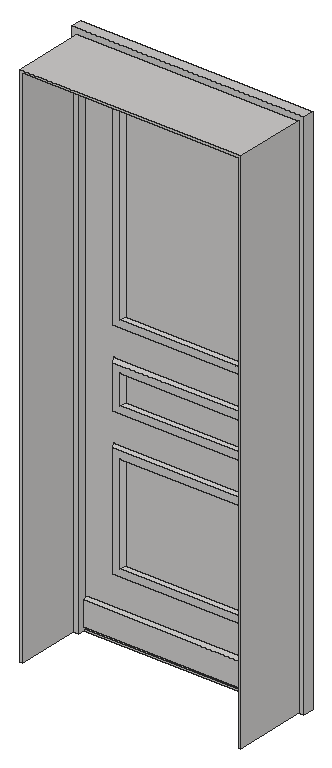
Revit family "Doorset_Porte blindée de maison STYLEA S_ASSA ABLOY FR_Hardware Light-01", category Doors, host Wall, Revit 2015
Parameters (values of type "914x2198 mm (900 x 2200mm)")
  Uniclass 2.0 Description = "Doorsets"
  Uniclass 2.0 Code = "PR-59-23"
  Uniclass 1.4 Description = "Doors"
  Uniclass 1.4 Code = "JL20"
  URL = "https://www.assaabloy.fr/solutions-de-porte-bim/Porte-blind%C3%A9e-de-maison-Stylea"
  Type Comments = "914x2198 mm (900 x 2200mm)"  # constant formula
  Thickness = 62 mm  # constant formula
  Structural Opening Width = if(Width > Maximum Door Width, Maximum Door Width + 20 mm, if(Width < Minimum Door Width, Minimum Door Width + 20 mm, Width + 20 mm))  # 920 mm
  Structural Opening Height = if(Height > Maximum Door Height, Maximum Door Height + 10 mm, if(Height < Minimum Door Height, Minimum Door Height + 10 mm, Height + 10 mm))  # 2210 mm
  Rough Width = Structural Opening Width  # 920 mm
  Rough Height = Structural Opening Height  # 2210 mm
  Region Europe = "France"
  Provider = "ASSA ABLOY FR"  # constant formula
  Product Guid = "cd050d0a-2208-482b-8fb4-c77a7161ff69"
  Panel Width = Structural Opening Width - 6 mm  # 914 mm
  Panel Material = Metal - Assa Abloy - Steel
  Panel Height = Structural Opening Height - 12 mm  # 2198 mm
  OmniClass Title = "Doors"
  OmniClass Number = "23-17 11 00"
  Name = "Porte blindée de maison STYLEA S"  # constant formula
  Model = "Doorset_Porte blindée de maison STYLEA S_ASSA ABLOY FR_Hardware Light"  # constant formula
  Minimum Door Width = 754 mm  # constant formula
  Minimum Door Height = 1952 mm  # constant formula
  Maximum Door Width = 1054 mm  # constant formula
  Maximum Door Height = 2302 mm  # constant formula
  Manufacturer = "ASSA ABLOY"  # constant formula
  Lock Cases = "1x Cylindre GEMM24_Mechanical locks_Fichet [AN. 73960050]"  # constant formula
  Keynote = "08100"
  Identity and Access Solutions = "1x Serrure 5000 SPN1 T204- D_Identity and Access Solutions_Vachette [AN. 841900 4]"  # constant formula
  IFC classification = "Door"
  Hardware Set = "ED-ML-MC-FR15"  # constant formula
  Handle Position = 81 mm  # constant formula
  Handle Height = 1100 mm  # constant formula
  Function = Exterior
  Height = 2200 mm
  Wall Closure = By host
  Width = 900 mm
  Frame Width = Structural Opening Width - 20 mm  # 900 mm
  Frame Material = Metal - Assa Abloy - Steel
  Frame Height = Structural Opening Height - 10 mm  # 2200 mm
  Edition number = "1"
  Description = "La porte anti-effraction à la pointe du design , simple vantail A2P BP1 serrure cylindre européen A2P1*, vantail lisse 2 faces équipement LOGIO"  # constant formula
  Date of publishing = ""
  Contact Provider = "http://www.assaabloy.fr/contactez-nous/"
  Clear Width = Structural Opening Width - 48 mm - 20 mm  # 852 mm
  BIMobject Unique ref = "ED-ML-MC-FR15"  # constant formula
  BIMobject Product Page = "https://www.bimobject.com/en-us/assaabloy-fr/product/ed-ml-mc-fr15"
  BIMobject Product Group = "Security doors and fittings"  # constant formula
  BIMobject Product Family = "Exterior Door Solutions"  # constant formula
  BIMobject Instructions Video = ""
  BIMobject Brand = "ASSA ABLOY FR"  # constant formula
  Assembly Code = "B2030"
  Architectural Hardware = "1x Ensemble LOGIO béquille poignée sur plaque_Architectural hardware_Fichet  [AN. 73480683]"  # constant formula
Reference planes
  plane 1: y = 0
  plane 2 "Center (Left/Right)": x = 0
  plane 3 "Exterior": y = 150
  plane 4 "Interior": y = -150
  plane 5: x = 460
  plane 6: x = -460
  plane 7 "Structural": z = 2210
  plane 8: x = 450
  plane 9: x = -450
  plane 10: z = 2200
  plane 11: z = 1984
  plane 12: y = 88
  plane 13: z = 1100
  plane 14 "Panel": y = 1108.7
  plane 15: y = 1070
  plane 16: x = 416
  plane 17: x = -426
  plane 18: x = 426
  plane 19: y = 194.7
  plane 20 "Handle Left": y = 208.5
  plane 21: x = -442.131
  plane 22: x = -484
  plane 23: x = 484
  plane 24: x = -306
  plane 25: x = 306
  plane 26: z = 251.279
  plane 27: z = 740.754
  plane 28: z = 860.754
  plane 29: z = 1060.754
  plane 30: z = 1180.754
  plane 31: z = 2056
  plane 32: x = -416
  plane 33: y = 115
  plane 34: y = 141.2
  plane 35: y = 1046.7
  plane 36: x = 364
  plane 37 "Handle Ref": x = 457
  plane 38: x = 470.8
  plane 39: z = 2176
  plane 40: z = 2234
  plane 41: x = -376
  plane 42 "Handle Position": z = 1100
  plane 43: z = 24
  plane 44: y = 179.7
  plane 45: z = 2244
  plane 46: y = 1041.5
  plane 47: y = 146.5
Forms (mm)
  Sweep 1, solid, material "Metal - Assa Abloy - Steel" <- "Frame Material"
    path origin (0, 150, 0) x (1, 0, 0) y (0, 0, 1)
      loop
        line (-450, 0) -> (-450, 2200) -> (450, 2200) -> (450, 0)
    profile origin (450, 150, 1100) x (0, -1, 0) y (1, 0, 0)
      loop
        line (35, 0) -> (0, 0) -> (0, 34) -> (-44.7, 34) -> (-44.7, -24) -> (35, -24) -> (35, 0)
  Sweep 2, solid, material "Metal - Assa Abloy - Steel" <- "Panel Material"
    path origin (0, 150, 0) x (1, 0, 0) y (0, 0, 1)
      loop
        line (-426, 0) -> (426, 0)
    profile origin (0, 150, 0) x (0, 0, 1) y (0, -1, 0)
      loop
        line (2207, -44.7) -> (2176, -44.7) -> (2176, 3.5) -> (24, 3.5) -> (24, -29.7) -> (11.808, -29.7) -> (11.808, -44.7) -> (9, -44.7) -> (9, -58.5) -> (2207, -58.5) -> (2207, -44.7)
  Extrusion 3, solid, material "Metal - Assa Abloy - Steel" <- "Panel Material"
    sketch origin (0, 0, 0) x (1, 0, 0) y (0, 1, 0)
      loop
        line (-426, 208.5) -> (-457, 208.5) -> (-457, 194.7) -> (-426, 194.7) -> (-426, 208.5)
      loop
        line (426, 208.5) -> (426, 194.7) -> (457, 194.7) -> (457, 208.5) -> (426, 208.5)
    from 9 to 2207
  Sweep 4, solid, material "Metal - Assa Abloy - Steel" <- "Panel Material"
    path origin (-533.519, 208.5, 1200) x (-1, 0, 0) y (0, 0, 1)
      loop
        line (-227.519, -459.246) -> (-839.519, -459.246) -> (-839.519, -948.721) -> (-227.519, -948.721) -> (-227.519, -459.246)
    profile origin (306, 208.5, 496.017) x (0, 1, 0) y (-1, 0, 0)
      loop
        line (0, 0) -> (16, 9.238) -> (16, 38.762) -> (0, 48) -> (0, 0)
      loop
        line (-62, 0) -> (-62, 48) -> (-78, 38.762) -> (-78, 9.238) -> (-62, 0)
  Sweep 5, solid, material "Metal - Assa Abloy - Steel" <- "Panel Material"
    path origin (-533.519, 208.5, 1200) x (-1, 0, 0) y (0, 0, 1)
      loop
        line (-227.519, -139.246) -> (-839.519, -139.246) -> (-839.519, -339.246) -> (-227.519, -339.246) -> (-227.519, -139.246)
    profile origin (306, 208.5, 960.754) x (0, 1, 0) y (-1, 0, 0)
      loop
        line (0, 0) -> (16, 9.238) -> (16, 38.762) -> (0, 48) -> (0, 0)
      loop
        line (-62, 0) -> (-62, 48) -> (-78, 38.762) -> (-78, 9.238) -> (-62, 0)
  Sweep 6, solid, material "Metal - Assa Abloy - Steel" <- "Panel Material"
    path origin (-533.519, 208.5, 1200) x (-1, 0, 0) y (0, 0, 1)
      loop
        line (-227.519, 856) -> (-839.519, 856) -> (-839.519, -19.246) -> (-227.519, -19.246) -> (-227.519, 856)
    profile origin (306, 208.5, 1618.377) x (0, 1, 0) y (-1, 0, 0)
      loop
        line (16, 9.238) -> (16, 38.762) -> (0, 48) -> (0, 0) -> (16, 9.238)
      loop
        line (-78, 9.238) -> (-62, 0) -> (-62, 48) -> (-78, 38.762) -> (-78, 9.238)
  Sweep 7, solid, material "Metal - Assa Abloy - Steel" <- "Panel Material"
    path origin (-533.519, 208.5, 1200) x (-1, 0, 0) y (0, 0, 1)
      loop
        line (-949.519, -1176) -> (-117.519, -1176)
    profile origin (0, 208.5, 24) x (0, 0, 1) y (0, 1, 0)
      loop
        line (0, -62) -> (0, -82) -> (100, -82) -> (107.279, -62) -> (0, -62)
  Sweep 8, solid, material "Metal - Assa Abloy - Steel" <- "Frame Material"
    path origin (-476, 194.7, 1200) x (1, 0, 0) y (0, 0, 1)
      loop
        line (50, -1200) -> (902, -1200)
    profile origin (0, 194.7, 0) x (0, 0, 1) y (0, -1, 0)
      loop
        line (0, 0) -> (11.808, 0) -> (11.808, 11.3) -> (7, 53.5) -> (0, 53.5) -> (0, 0)
  Extrusion 9, solid, material "Metal - Assa Abloy - Steel" <- "Frame Material"
    sketch origin (-533.519, 208.5, 1200) x (-1, 0, 0) y (0, 0, 1)
      loop
        line (-73.519, 1010) -> (-993.519, 1010) -> (-993.519, -1200) -> (-983.519, -1200) -> (-983.519, 1000) -> (-83.519, 1000) -> (-83.519, -1200) -> (-73.519, -1200) -> (-73.519, 1010)
    from -358.5 to -58.5
Cuts and joins
  joined: Sweep 2, Extrusion 3
Lines and regions (mm)
  Opening 1
    outline origin (-5000, -150, 0) x (1, 0, 0) y (0, 0, 1)
      loop
        line (5460, 2210) -> (4540, 2210) -> (4540, 0) -> (5460, 0) -> (5460, 2210)
  Masking region 1
    outline origin (0, 0, 0) x (1, 0, 0) y (0, 1, 0)
      loop
        line (460, 150) -> (-460, 150) -> (-460, -150) -> (460, -150) -> (460, 150)
  Masking region 2, detail levels medium
    outline origin (0, 0, 0) x (1, 0, 0) y (0, 1, 0)
      loop
        line (-484, 194.7) -> (-484, 115) -> (-426, 115) -> (-426, 194.7) -> (-484, 194.7)
      loop
        line (484, 194.7) -> (426, 194.7) -> (426, 115) -> (484, 115) -> (484, 194.7)
  Masking region 3, detail levels fine
    outline origin (0, 0, 0) x (1, 0, 0) y (0, 1, 0)
      loop
        line (-484, 194.7) -> (-484, 150) -> (-450, 150) -> (-450, 115) -> (-426, 115) -> (-426, 194.7) -> (-484, 194.7)
      loop
        line (484, 194.7) -> (426, 194.7) -> (426, 115) -> (450, 115) -> (450, 150) -> (484, 150) -> (484, 194.7)
  Masking region 4, detail levels medium
    outline origin (0, 0, 0) x (1, 0, 0) y (0, 1, 0)
      loop
        line (426, 194.7) -> (426, 1046.7) -> (364, 1046.7) -> (364, 194.7) -> (426, 194.7)
  Masking region 5, detail levels coarse+medium
    outline origin (0, 0, 0) x (0, 1, 0) y (0, 0, 1)
      loop
        line (115, 2234) -> (115, 0) -> (194.7, 0) -> (194.7, 2234) -> (115, 2234)
  Masking region 6, detail levels fine
    outline origin (0, 0, 0) x (0, 1, 0) y (0, 0, 1)
      loop
        line (194.7, 2234) -> (150, 2234) -> (150, 2200) -> (115, 2200) -> (115, 0) -> (194.7, 0) -> (194.7, 9) -> (208.5, 9) -> (208.5, 2207) -> (194.7, 2207) -> (194.7, 2234)
  Masking region 7, detail levels fine
    outline origin (0, 0, 0) x (1, 0, 0) y (0, 1, 0)
      loop
        line (457, 194.7) -> (457, 1108.7) -> (443, 1108.7) -> (443, 1077.7) -> (395, 1077.7) -> (395, 225.7) -> (443, 225.7) -> (443, 194.7) -> (457, 194.7)
  Masking region 8, detail levels fine
    outline origin (-296.442, 355.626, 0) x (1, 0, 0) y (0, 1, 0)
      loop
        line (683.669, 696.727) -> (661.452, 695.563)
        arc (661.452, 695.563) -> (645.208, 689.142) -> (636.136, 674.217) r 27.425
        arc (636.136, 674.217) -> (632.876, 651.541) -> (633.239, 628.634) r 144.579
        line (633.239, 628.634) -> (638.152, 577.168) -> (650.119, 579.278) -> (645.832, 661.076)
        arc (645.832, 661.076) -> (649.644, 671.408) -> (659.763, 675.756) r 13.95
        line (659.763, 675.756) -> (683.669, 675.756) -> (683.669, 696.727)
  Masking region 9, detail levels fine
    outline origin (-299.189, 355.833, 0) x (1, 0, 0) y (0, 1, 0)
      loop
        line (694.189, 664.667) -> (694.189, 685.667) -> (694.189, 706.667) -> (687.189, 706.667) -> (687.189, 664.667) -> (694.189, 664.667)
  Masking region 10, detail levels fine
    outline origin (1148.442, 355.626, 0) x (0, 1, 0) y (-1, 0, 0)
      loop
        line (696.727, 683.669) -> (675.756, 683.669) -> (675.756, 659.763)
        arc (675.756, 659.763) -> (671.408, 649.644) -> (661.076, 645.832) r 13.95
        line (661.076, 645.832) -> (579.278, 650.119) -> (577.168, 638.152) -> (628.634, 633.239)
        arc (628.634, 633.239) -> (651.541, 632.876) -> (674.217, 636.136) r 144.579
        arc (674.217, 636.136) -> (689.142, 645.208) -> (695.563, 661.452) r 27.425
        line (695.563, 661.452) -> (696.727, 683.669)
  Masking region 11, detail levels fine
    outline origin (1151.189, 355.833, 0) x (0, 1, 0) y (-1, 0, 0)
      loop
        line (664.667, 694.189) -> (664.667, 687.189) -> (706.667, 687.189) -> (706.667, 694.189) -> (685.667, 694.189) -> (664.667, 694.189)
  Masking region 12, not visible, detail levels fine
    outline origin (0, 0, 0) x (1, 0, 0) y (0, 1, 0)
      loop
        line (683.669, 696.727) -> (661.452, 695.563)
        arc (661.452, 695.563) -> (645.208, 689.142) -> (636.136, 674.217) r 27.425
        arc (636.136, 674.217) -> (632.876, 651.541) -> (633.239, 628.634) r 144.579
        line (633.239, 628.634) -> (638.152, 577.168) -> (650.119, 579.278) -> (645.832, 661.076)
        arc (645.832, 661.076) -> (649.644, 671.408) -> (659.763, 675.756) r 13.95
        line (659.763, 675.756) -> (683.669, 675.756) -> (683.669, 696.727)
  Masking region 13, not visible, detail levels fine
    outline origin (-2.747, 0.207, 0) x (1, 0, 0) y (0, 1, 0)
      loop
        line (694.189, 664.667) -> (694.189, 685.667) -> (694.189, 706.667) -> (687.189, 706.667) -> (687.189, 664.667) -> (694.189, 664.667)
  Masking region 14, not visible, detail levels fine
    outline origin (1444.883, 0, 0) x (0, 1, 0) y (-1, 0, 0)
      loop
        line (696.727, 683.669) -> (675.756, 683.669) -> (675.756, 659.763)
        arc (675.756, 659.763) -> (671.408, 649.644) -> (661.076, 645.832) r 13.95
        line (661.076, 645.832) -> (579.278, 650.119) -> (577.168, 638.152) -> (628.634, 633.239)
        arc (628.634, 633.239) -> (651.541, 632.876) -> (674.217, 636.136) r 144.579
        arc (674.217, 636.136) -> (689.142, 645.208) -> (695.563, 661.452) r 27.425
        line (695.563, 661.452) -> (696.727, 683.669)
  Masking region 15, not visible, detail levels fine
    outline origin (1447.631, 0.207, 0) x (0, 1, 0) y (-1, 0, 0)
      loop
        line (664.667, 694.189) -> (664.667, 687.189) -> (706.667, 687.189) -> (706.667, 694.189) -> (685.667, 694.189) -> (664.667, 694.189)
  Masking region 16, not visible, detail levels fine
    outline origin (0, 0, 0) x (0, 1, 0) y (0, 0, 1)
      loop
        line (491.594, 1589.229) -> (491.594, 1390.229) -> (498.594, 1390.229) -> (498.594, 1589.229) -> (491.594, 1589.229)
  Masking region 17, not visible, detail levels fine
    outline origin (0, 283.094, 412.76) x (0, 1, 0) y (0, 0, 1)
      loop
        line (216.326, 1110.993) -> (216.326, 1089.007) -> (244.272, 1089.007)
        arc (244.272, 1089.007) -> (253.867, 1089.381) -> (263.403, 1090.499) r 123.412
        arc (263.403, 1090.499) -> (268.564, 1094.058) -> (270.563, 1100) r 9.923
        arc (270.563, 1100) -> (268.564, 1105.942) -> (263.403, 1109.501) r 9.923
        arc (263.403, 1109.501) -> (253.867, 1110.619) -> (244.272, 1110.993) r 123.412
        line (244.272, 1110.993) -> (216.326, 1110.993)
  Masking region 18, not visible, detail levels fine
    outline origin (0, 921.188, 0) x (0, -1, 0) y (0, 0, 1)
      loop
        line (491.594, 1589.229) -> (491.594, 1390.229) -> (498.594, 1390.229) -> (498.594, 1589.229) -> (491.594, 1589.229)
  Masking region 19, not visible, detail levels fine
    outline origin (0, 638.094, 412.76) x (0, -1, 0) y (0, 0, 1)
      loop
        line (216.326, 1110.993) -> (216.326, 1089.007) -> (244.272, 1089.007)
        arc (244.272, 1089.007) -> (253.867, 1089.381) -> (263.403, 1090.499) r 123.412
        arc (263.403, 1090.499) -> (268.564, 1094.058) -> (270.563, 1100) r 9.923
        arc (270.563, 1100) -> (268.564, 1105.942) -> (263.403, 1109.501) r 9.923
        arc (263.403, 1109.501) -> (253.867, 1110.619) -> (244.272, 1110.993) r 123.412
        line (244.272, 1110.993) -> (216.326, 1110.993)
  Masking region 20, detail levels fine
    outline origin (0, -283.094, -412.76) x (0, 1, 0) y (0, 0, 1)
      loop
        line (491.594, 1589.229) -> (491.594, 1390.229) -> (498.594, 1390.229) -> (498.594, 1589.229) -> (491.594, 1589.229)
  Masking region 21, detail levels fine
    outline origin (0, 0, 0) x (0, 1, 0) y (0, 0, 1)
      loop
        line (216.326, 1110.993) -> (216.326, 1089.007) -> (244.272, 1089.007)
        arc (244.272, 1089.007) -> (253.867, 1089.381) -> (263.403, 1090.499) r 123.412
        arc (263.403, 1090.499) -> (268.564, 1094.058) -> (270.563, 1100) r 9.923
        arc (270.563, 1100) -> (268.564, 1105.942) -> (263.403, 1109.501) r 9.923
        arc (263.403, 1109.501) -> (253.867, 1110.619) -> (244.272, 1110.993) r 123.412
        line (244.272, 1110.993) -> (216.326, 1110.993)
  Masking region 22, detail levels fine
    outline origin (0, 638.094, -412.76) x (0, -1, 0) y (0, 0, 1)
      loop
        line (491.594, 1589.229) -> (491.594, 1390.229) -> (498.594, 1390.229) -> (498.594, 1589.229) -> (491.594, 1589.229)
  Masking region 23, detail levels fine
    outline origin (0, 355, 0) x (0, -1, 0) y (0, 0, 1)
      loop
        line (216.326, 1110.993) -> (216.326, 1089.007) -> (244.272, 1089.007)
        arc (244.272, 1089.007) -> (253.867, 1089.381) -> (263.403, 1090.499) r 123.412
        arc (263.403, 1090.499) -> (268.564, 1094.058) -> (270.563, 1100) r 9.923
        arc (270.563, 1100) -> (268.564, 1105.942) -> (263.403, 1109.501) r 9.923
        arc (263.403, 1109.501) -> (253.867, 1110.619) -> (244.272, 1110.993) r 123.412
        line (244.272, 1110.993) -> (216.326, 1110.993)
  symbolic lines, style "Elevation Swing"
    curve 1: line (450, -150, 2200) -> (-450, -150, 1100)
    curve 2: line (-450, -150, 1100) -> (450, -150, 0)
  symbolic lines, style "Doors", detail levels fine
    curve 3: line (-426, 194.7, 0) -> (426, 194.7, 0)
    curve 4: line (-426, 141.2, 0) -> (426, 141.2, 0)
    curve 19: circle (0, 254.547, 1099.997) r 8.755 normal (1, 0, 0)
    curve 20: circle (0, 100.453, 1099.997) r 8.755 normal (-1, 0, 0)
  symbolic lines, style "Plan Swing", detail levels coarse
    curve 5: line (460, 150, 0) -> (460, 1070, 0)
    curve 6: arc (460, 1070, 0) -> (-190.538, 800.538, 0) -> (-460, 150, 0) r 920
  symbolic lines, style "Plan Swing", detail levels medium
    curve 7: arc (-426, 194.7, 0) -> (-176.455, 797.155, 0) -> (426, 1046.7, 0) r 852
  symbolic lines, style "Plan Swing", detail levels fine
    curve 8: arc (457, 1108.596, 0) -> (-180.356, 836.098, 0) -> (-443.2, 194.7, 0) r 914
  symbolic lines, style "Plan Swing", detail levels medium+fine
    curve 9: line (0, 194.7, 2176) -> (0, 115, 2176)
  symbolic lines, style "Plan Swing"
    curve 10: line (0, 115, 2200) -> (0, -150, 2200)
  symbolic lines, style "DoorsPanelProjection", detail levels fine
    curve 11: line (0, 146.5, 2176) -> (0, 146.5, 24)
    curve 12: line (0, 194.7, 2207) -> (0, 194.7, 2176)
    curve 13: line (0, 146.5, 24) -> (0, 179.7, 24)
    curve 14: line (0, 179.7, 24) -> (0, 179.7, 11.808)
    curve 15: line (0, 179.7, 11.808) -> (0, 194.7, 11.808)
    curve 16: line (0, 194.7, 11.808) -> (0, 194.7, 9)
  symbolic lines, style "Doors", not visible, detail levels fine
    curve 17: circle (0, 537.641, 1512.757) r 8.755 normal (1, 0, 0)
    curve 18: circle (0, 383.546, 1512.757) r 8.755 normal (-1, 0, 0)
  model lines, style "Assa Abloy Hardware", not visible, detail levels fine
    curve 21: line (-269.104, 208.5, 1091.012) -> (-355, 208.5, 1089.716)
    curve 22: line (-355, 208.5, 1089.716) -> (-355, 208.5, 998.758)
    curve 23: arc (-355, 208.5, 998.758) -> (-361.151, 208.5, 983.909) -> (-376, 208.5, 977.758) r 21
    curve 24: arc (-376, 208.5, 977.758) -> (-390.849, 208.5, 983.909) -> (-397, 208.5, 998.758) r 21
    curve 25: line (-397, 208.5, 998.758) -> (-397, 208.5, 1154.941)
    curve 26: arc (-397, 208.5, 1154.941) -> (-390.849, 208.5, 1169.79) -> (-376, 208.5, 1175.941) r 21
    curve 27: arc (-376, 208.5, 1175.941) -> (-361.151, 208.5, 1169.79) -> (-355, 208.5, 1154.941) r 21
    curve 28: line (-355, 208.5, 1154.941) -> (-355, 208.5, 1110.162)
    curve 29: line (-355, 208.5, 1110.162) -> (-269.148, 208.5, 1108.923)
    curve 30: arc (-269.148, 208.5, 1108.923) -> (-268.644, 208.5, 1108.744) -> (-268.353, 208.5, 1108.294) r 0.833
    curve 31: arc (-268.353, 208.5, 1108.294) -> (-267.577, 208.5, 1104.166) -> (-267.306, 208.5, 1099.974) r 34.585
    curve 32: arc (-267.306, 208.5, 1099.974) -> (-267.563, 208.5, 1095.894) -> (-268.299, 208.5, 1091.873) r 34.585
    curve 33: arc (-268.299, 208.5, 1091.873) -> (-268.518, 208.5, 1091.272) -> (-269.104, 208.5, 1091.012) r 0.818
    curve 34: line (-355, 208.5, 1089.716) -> (-373.861, 208.5, 1089.21)
    curve 35: arc (-373.861, 208.5, 1089.21) -> (-382.57, 208.5, 1091.178) -> (-386.951, 208.5, 1098.959) r 11
    curve 36: arc (-386.951, 208.5, 1098.959) -> (-384.138, 208.5, 1107.401) -> (-376, 208.5, 1111) r 11
    curve 37: line (-376, 208.5, 1111) -> (-355, 208.5, 1110.265)
    curve 38: arc (-383.02, 208.5, 1026.731) -> (-376.368, 208.5, 1044.36) -> (-370.385, 208.5, 1026.493) r 10
    curve 39: line (-383.02, 208.5, 1026.731) -> (-383.02, 208.5, 1014.534)
    curve 40: line (-370.385, 208.5, 1014.534) -> (-370.385, 208.5, 1026.493)
    curve 41: line (-383.02, 208.5, 1026.731) -> (-383.02, 208.5, 1014.534)
    curve 42: arc (-383.02, 208.5, 1014.534) -> (-376.702, 208.5, 1008.216) -> (-370.385, 208.5, 1014.534) r 6.318
    curve 43: line (-370.385, 208.5, 1014.534) -> (-370.385, 208.5, 1026.493)
  model lines, style "Assa Abloy Hardware", detail levels fine
    curve 44: line (-269.104, 146.5, 1091.012) -> (-355, 146.5, 1089.716)
    curve 45: line (-355, 146.5, 1089.716) -> (-355, 146.5, 998.758)
    curve 46: arc (-355, 146.5, 998.758) -> (-361.151, 146.5, 983.909) -> (-376, 146.5, 977.758) r 21
    curve 47: arc (-376, 146.5, 977.758) -> (-390.849, 146.5, 983.909) -> (-397, 146.5, 998.758) r 21
    curve 48: line (-397, 146.5, 998.758) -> (-397, 146.5, 1154.941)
    curve 49: arc (-397, 146.5, 1154.941) -> (-390.849, 146.5, 1169.79) -> (-376, 146.5, 1175.941) r 21
    curve 50: arc (-376, 146.5, 1175.941) -> (-361.151, 146.5, 1169.79) -> (-355, 146.5, 1154.941) r 21
    curve 51: line (-355, 146.5, 1154.941) -> (-355, 146.5, 1110.162)
    curve 52: line (-355, 146.5, 1110.162) -> (-269.148, 146.5, 1108.923)
    curve 53: arc (-269.148, 146.5, 1108.923) -> (-268.644, 146.5, 1108.744) -> (-268.353, 146.5, 1108.294) r 0.833
    curve 54: arc (-268.353, 146.5, 1108.294) -> (-267.577, 146.5, 1104.166) -> (-267.306, 146.5, 1099.974) r 34.585
    curve 55: arc (-267.306, 146.5, 1099.974) -> (-267.563, 146.5, 1095.894) -> (-268.299, 146.5, 1091.873) r 34.585
    curve 56: arc (-268.299, 146.5, 1091.873) -> (-268.518, 146.5, 1091.272) -> (-269.104, 146.5, 1091.012) r 0.818
    curve 57: line (-355, 146.5, 1089.716) -> (-373.861, 146.5, 1089.21)
    curve 58: arc (-373.861, 146.5, 1089.21) -> (-382.981, 146.5, 1091.499) -> (-387, 146.5, 1100) r 11
    curve 59: arc (-387, 146.5, 1100) -> (-383.778, 146.5, 1107.778) -> (-376, 146.5, 1111) r 11
    curve 60: line (-376, 146.5, 1111) -> (-355, 146.5, 1110.265)
    curve 61: arc (-383.02, 146.5, 1026.731) -> (-376.368, 146.5, 1044.36) -> (-370.385, 146.5, 1026.493) r 10
    curve 62: line (-383.02, 146.5, 1026.731) -> (-383.02, 146.5, 1014.534)
    curve 63: line (-370.385, 146.5, 1014.534) -> (-370.385, 146.5, 1026.493)
    curve 64: line (-383.02, 146.5, 1026.731) -> (-383.02, 146.5, 1014.534)
    curve 65: arc (-383.02, 146.5, 1014.534) -> (-376.702, 146.5, 1008.216) -> (-370.385, 146.5, 1014.534) r 6.318
    curve 66: line (-370.385, 146.5, 1014.534) -> (-370.385, 146.5, 1026.493)
    curve 67: line (-269.104, 208.5, 1092.054) -> (-355, 208.5, 1090.757)
    curve 68: line (-355, 208.5, 1090.757) -> (-355, 208.5, 999.799)
    curve 69: arc (-355, 208.5, 999.799) -> (-361.151, 208.5, 984.95) -> (-376, 208.5, 978.799) r 21
    curve 70: arc (-376, 208.5, 978.799) -> (-390.849, 208.5, 984.95) -> (-397, 208.5, 999.799) r 21
    curve 71: line (-397, 208.5, 999.799) -> (-397, 208.5, 1155.982)
    curve 72: arc (-397, 208.5, 1155.982) -> (-390.849, 208.5, 1170.832) -> (-376, 208.5, 1176.982) r 21
    curve 73: arc (-376, 208.5, 1176.982) -> (-361.151, 208.5, 1170.832) -> (-355, 208.5, 1155.982) r 21
    curve 74: line (-355, 208.5, 1155.982) -> (-355, 208.5, 1111.203)
    curve 75: line (-355, 208.5, 1111.203) -> (-269.148, 208.5, 1109.965)
    curve 76: arc (-269.148, 208.5, 1109.965) -> (-268.644, 208.5, 1109.785) -> (-268.353, 208.5, 1109.335) r 0.833
    curve 77: arc (-268.353, 208.5, 1109.335) -> (-267.577, 208.5, 1105.207) -> (-267.306, 208.5, 1101.016) r 34.585
    curve 78: arc (-267.306, 208.5, 1101.016) -> (-267.563, 208.5, 1096.935) -> (-268.299, 208.5, 1092.914) r 34.585
    curve 79: arc (-268.299, 208.5, 1092.914) -> (-268.518, 208.5, 1092.313) -> (-269.104, 208.5, 1092.054) r 0.818
    curve 80: line (-355, 208.5, 1090.757) -> (-373.861, 208.5, 1090.251)
    curve 81: arc (-373.861, 208.5, 1090.251) -> (-382.57, 208.5, 1092.219) -> (-386.951, 208.5, 1100) r 11
    curve 82: arc (-386.951, 208.5, 1100) -> (-384.138, 208.5, 1108.442) -> (-376, 208.5, 1112.041) r 11
    curve 83: line (-376, 208.5, 1112.041) -> (-355, 208.5, 1111.306)
    curve 84: arc (-383.02, 208.5, 1027.772) -> (-376.368, 208.5, 1045.401) -> (-370.385, 208.5, 1027.534) r 10
    curve 85: line (-383.02, 208.5, 1027.772) -> (-383.02, 208.5, 1015.575)
    curve 86: line (-370.385, 208.5, 1015.575) -> (-370.385, 208.5, 1027.534)
    curve 87: line (-383.02, 208.5, 1027.772) -> (-383.02, 208.5, 1015.575)
    curve 88: arc (-383.02, 208.5, 1015.575) -> (-376.702, 208.5, 1009.258) -> (-370.385, 208.5, 1015.575) r 6.318
    curve 89: line (-370.385, 208.5, 1015.575) -> (-370.385, 208.5, 1027.534)
Text (mm)
  text "Exterior" at (-2295.016, 1099.543, 0), in view "Ref. Level"
  text "Exterior" at (0, 1615.38, 3698.081), in view "Left"
  text "Exterior" at (0, 1036.032, 3874.932), in view "Right"
Dimensions and locks
  locked: plane 3 "Exterior" to host wall at 0
  locked: plane 4 "Interior" to host wall
  equal spacing: plane 6, plane 2 "Center (Left/Right)", plane 5
  locked: plane 8 to plane 5 at 10
  locked: plane 9 to plane 6 at 10
  "Thickness": plane 12 to plane 3 "Exterior"
  "Structural Opening Width": plane 3 "Exterior" to plane 15
  locked: plane 17 to plane 6 at 34
  locked: plane 18 to plane 5 at 34
  locked: plane 3 "Exterior" to plane 19 at 44.7
  locked: plane 19 to plane 20 "Handle Left" at 13.8
  Sweep 2 sketch curve to Sweep 2 sketch curve to Sweep 2 sketch curve to level = 12.192 mm locked, 2.808 mm locked, 9 mm locked
  locked: Extrusion 3 sketch curve to plane 17 at 31
  locked: Sweep 2 sketch curve to plane 10 at 24
  locked: plane 10 to Sweep 2 sketch curve at 7
  locked: plane 17 to plane 22 at 58
  locked: plane 23 to plane 18 at 58
  locked: plane 24 to plane 17 at 120
  locked: plane 18 to plane 25 at 120
  plane 27 to plane 26 to level = 489.474 mm locked, 251.279 mm locked
  plane 30 to plane 29 to plane 28 to plane 27 = 120 mm locked, 200 mm locked, 120 mm locked
  locked: plane 7 "Structural" to plane 31 at 154
  locked: plane 24 to plane 32 at 110
  locked: plane 16 to plane 25 at 110
  locked: plane 33 to plane 19 at 79.7
  locked: plane 34 to plane 19 at 53.5
  "Structural Opening Width": plane 5 to plane 6
  "Clear Width": plane 19 to plane 35
  "Thickness": plane 36 to plane 18
  "Structural Opening Height": plane 7 "Structural" to level
  locked: plane 8 to plane 37 "Handle Ref" at 7
  locked: plane 37 "Handle Ref" to plane 38 at 13.8
  plane 7 "Structural" to plane 10 = 10 mm
  locked: plane 10 to plane 39 at 24
  equal spacing: plane 10, plane 13, level
  "Panel Width": plane 19 to plane 14 "Panel"
  locked: plane 40 to plane 7 "Structural" at 24
  locked: Masking region 6 sketch curve to level at 9
  locked: plane 7 "Structural" to Masking region 6 sketch curve at 3
  locked: plane 41 to plane 17 at 50
  locked: plane 19 to Masking region 7 sketch curve at 31
  locked: plane 14 "Panel" to Masking region 7 sketch curve at 31
  Masking region 7 sketch curve to Masking region 7 sketch curve to plane 37 "Handle Ref" = 48 mm locked, 14 mm locked
  "Handle Height": plane 42 "Handle Position" to level
  locked: plane 43 to level at 24
  locked: plane 20 "Handle Left" to plane 44 at 28.8
  locked: plane 15 to plane 46 at 28.5
  locked: plane 20 "Handle Left" to plane 47 at 62
  "Panel Width": radius of curve 8
  aligned and locked: plane 1 to host wall
  aligned and locked: plane 7 "Structural" to Opening 1 sketch curve
  aligned and locked: plane 5 to Opening 1 sketch curve
  aligned and locked: Opening 1 sketch curve to plane 6
  aligned and locked: level to Opening 1 sketch curve
  aligned and locked: Masking region 1 sketch curve to plane 3 "Exterior"
  aligned and locked: Masking region 1 sketch curve to plane 4 "Interior"
  aligned and locked: plane 6 to Masking region 1 sketch curve
  aligned and locked: Masking region 1 sketch curve to plane 5
  aligned and locked: plane 10 to Sweep 1 sketch curve
  aligned and locked: plane 9 to Sweep 1 sketch curve
  aligned and locked: plane 8 to Sweep 1 sketch curve
  aligned and locked: level to Sweep 1 sketch curve  (x2)
  aligned and locked: plane 17 to Sweep 2 sketch curve
  aligned and locked: plane 18 to Sweep 2 sketch curve
  aligned and locked: Sweep 2 sketch curve to level
  aligned and locked: Extrusion 3 sketch curve to plane 17
  aligned and locked: Extrusion 3 sketch curve to plane 20 "Handle Left"
  aligned and locked: Extrusion 3 sketch curve to plane 19
  aligned and locked: Extrusion 3 sketch curve to plane 18
  aligned and locked: plane 20 "Handle Left" to Extrusion 3 sketch curve
  aligned and locked: plane 19 to Extrusion 3 sketch curve
  aligned and locked: Sweep 2 to Extrusion 3
  aligned and locked: Extrusion 3 to Sweep 2
  aligned and locked: Sweep 4 sketch curve to plane 25
  aligned and locked: plane 24 to Sweep 4 sketch curve
  aligned and locked: plane 27 to Sweep 4 sketch curve
  aligned and locked: Sweep 4 sketch curve to plane 26
  aligned and locked: cut or joined group of Sweep 2, Extrusion 3 to Sweep 4 sketch curve
  aligned and locked: Sweep 4 sketch curve to plane 20 "Handle Left"
  aligned and locked: Sweep 5 sketch curve to plane 25
  aligned and locked: Sweep 5 sketch curve to plane 28
  aligned and locked: plane 24 to Sweep 5 sketch curve
  aligned and locked: plane 29 to Sweep 5 sketch curve
  aligned and locked: Sweep 5 sketch curve to plane 20 "Handle Left"
  aligned and locked: cut or joined group of Sweep 2, Extrusion 3 to Sweep 5 sketch curve
  aligned and locked: Sweep 6 sketch curve to plane 25
  aligned and locked: plane 24 to Sweep 6 sketch curve
  aligned and locked: Sweep 6 sketch curve to plane 30
  aligned and locked: plane 31 to Sweep 6 sketch curve
  aligned and locked: plane 20 "Handle Left" to Sweep 6 sketch curve
  aligned and locked: Sweep 6 sketch curve to cut or joined group of Sweep 2, Extrusion 3
  aligned and locked: plane 32 to Sweep 7 sketch curve
  aligned and locked: plane 16 to Sweep 7 sketch curve
  aligned and locked: Masking region 2 to plane 33  (x2)
  aligned and locked: Sweep 1 to plane 19
  aligned and locked: Masking region 2 to plane 22
  aligned and locked: plane 17 to Sweep 1
  aligned and locked: Sweep 1 to plane 18
  aligned and locked: plane 23 to Masking region 2
  aligned and locked: Masking region 2 to plane 19  (x2)
  aligned and locked: Sweep 8 sketch curve to level
  aligned and locked: plane 17 to Sweep 8 sketch curve
  aligned and locked: plane 18 to Sweep 8 sketch curve
  aligned and locked: plane 19 to Masking region 3 sketch curve
  aligned and locked: plane 22 to Masking region 3 sketch curve
  aligned and locked: plane 33 to Masking region 3 sketch curve
  aligned and locked: Masking region 3 sketch curve to plane 17
  aligned and locked: Masking region 3 sketch curve to plane 19
  aligned and locked: Masking region 3 sketch curve to plane 18
  aligned and locked: Masking region 3 sketch curve to plane 33
  aligned and locked: Masking region 3 sketch curve to plane 3 "Exterior"
  aligned and locked: plane 23 to Masking region 3 sketch curve
  aligned and locked: plane 19 to curve 3
  aligned and locked: plane 17 to curve 3
  aligned and locked: plane 18 to curve 3
  aligned and locked: plane 17 to curve 4
  aligned and locked: plane 18 to curve 4
  aligned and locked: plane 34 to curve 4
  aligned and locked: plane 15 to curve 5
  aligned and locked: curve 5 to plane 5
  aligned and locked: plane 3 "Exterior" to curve 5
  aligned and locked: plane 3 "Exterior" to curve 6
  aligned and locked: plane 5 to curve 6
  aligned and locked: Masking region 4 sketch curve to plane 36
  aligned and locked: plane 19 to Masking region 4 sketch curve
  aligned and locked: plane 35 to Masking region 4 sketch curve
  aligned and locked: plane 18 to Masking region 4
  aligned and locked: plane 18 to curve 7
  aligned and locked: plane 19 to curve 7
  aligned and locked: Masking region 3 sketch curve to plane 9
  aligned and locked: plane 8 to Masking region 3 sketch curve
  aligned and locked: Masking region 5 sketch curve to plane 33
  aligned and locked: Masking region 5 sketch curve to level
  aligned and locked: plane 40 to Masking region 5 sketch curve
  aligned and locked: plane 33 to Masking region 6
  aligned and locked: Masking region 6 to plane 40
  aligned and locked: plane 19 to Masking region 6
  aligned and locked: Masking region 6 to plane 20 "Handle Left"
  aligned and locked: level to Sweep 1
  aligned and locked: Sweep 1 to plane 33
  aligned and locked: plane 19 to curve 9
  aligned and locked: Sweep 1 to plane 39
  aligned and locked: plane 33 to curve 9
  aligned and locked: plane 10 to curve 10
  aligned and locked: plane 33 to curve 10
  aligned and locked: plane 4 "Interior" to curve 10
  aligned and locked: plane 33 to Sweep 1
  aligned and locked: Masking region 5 sketch curve to plane 19
  aligned and locked: Sweep 1 to plane 10
  aligned and locked: plane 3 "Exterior" to Sweep 1
  aligned and locked: plane 40 to Masking region 6 sketch curve
  aligned and locked: Masking region 6 sketch curve to plane 10
  aligned and locked: plane 3 "Exterior" to Masking region 6 sketch curve
  aligned and locked: plane 14 "Panel" to Masking region 7 sketch curve
  aligned and locked: plane 37 "Handle Ref" to Masking region 7 sketch curve
  aligned and locked: plane 39 to curve 11
  aligned and locked: plane 19 to curve 12
  aligned and locked: plane 39 to curve 12
  aligned and locked: Masking region 6 to curve 12
  aligned and locked: curve 13 to plane 43
  aligned and locked: plane 43 to curve 14
  aligned and locked: curve 14 to plane 44
  aligned and locked: cut or joined group of Sweep 2, Extrusion 3 to curve 14
  aligned and locked: curve 16 to plane 19
  aligned and locked: plane 7 "Structural" to Extrusion 9 sketch curve
  aligned and locked: Extrusion 9 sketch curve to plane 6
  aligned and locked: Extrusion 9 sketch curve to plane 5
  aligned and locked: level to Extrusion 9 sketch curve  (x4)
  aligned and locked: Extrusion 9 sketch curve to plane 9
  aligned and locked: Extrusion 9 sketch curve to plane 10
  aligned and locked: Extrusion 9 sketch curve to plane 8
  aligned and locked: plane 4 "Interior" to Extrusion 9
  aligned and locked: Extrusion 9 to plane 3 "Exterior"
  aligned and locked: plane 8 to curve 2
  aligned and locked: plane 13 to curve 1
  aligned and locked: plane 8 to curve 1
  aligned and locked: plane 10 to curve 1
  aligned and locked: plane 46 to Masking region 11
  aligned and locked: Masking region 11 to plane 37 "Handle Ref"
  aligned and locked: plane 42 "Handle Position" to Masking region 23
  aligned and locked: plane 20 "Handle Left" to Masking region 20
  aligned and locked: plane 41 to curve 50
  aligned and locked: Sweep 7 to plane 47
  aligned and locked: curve 11 to plane 47
  aligned and locked: plane 41 to curve 49
  aligned and locked: plane 42 "Handle Position" to curve 59
  aligned and locked: plane 47 to curve 48
  aligned and locked: plane 42 "Handle Position" to curve 82
  aligned and locked: plane 41 to curve 70
  aligned and locked: curve 72 to plane 20 "Handle Left"
Automatic sketch dimensions
  Masking region 8 sketch curve to Masking region 8 sketch curve = 4.912 mm
  Masking region 8 sketch curve to Masking region 8 sketch curve = 12.593 mm
  Masking region 8 sketch curve to Masking region 8 sketch curve = 11.967 mm
  Masking region 8 sketch curve to Masking region 8 sketch curve = 13.931 mm
  Masking region 8 sketch curve to Masking region 8 sketch curve = 1.689 mm
  Masking region 8 sketch curve to Masking region 8 sketch curve = 3.124 mm
  Masking region 8 sketch curve to Masking region 8 sketch curve = 2.11 mm
  Masking region 8 sketch curve to Masking region 8 sketch curve = 51.466 mm
  Masking region 8 sketch curve to Masking region 8 sketch curve = 63.093 mm
  Masking region 8 sketch curve to Masking region 8 sketch curve = 32.441 mm
  Masking region 8 sketch curve to Masking region 8 sketch curve = 0.73 mm
  Masking region 8 sketch curve to Masking region 8 sketch curve = 6.37 mm
  Masking region 8 sketch curve to Masking region 8 sketch curve = 19.807 mm
  Masking region 8 sketch curve to Masking region 8 sketch curve = 20.972 mm
  Masking region 9 sketch curve to Masking region 9 sketch curve = 21 mm  (x2)
  Masking region 10 sketch curve to Masking region 10 sketch curve = 2.11 mm
  Masking region 10 sketch curve to Masking region 10 sketch curve = 51.466 mm
  Masking region 10 sketch curve to Masking region 10 sketch curve = 63.093 mm
  Masking region 10 sketch curve to Masking region 10 sketch curve = 32.441 mm
  Masking region 10 sketch curve to Masking region 10 sketch curve = 0.73 mm
  Masking region 10 sketch curve to Masking region 10 sketch curve = 6.37 mm
  Masking region 10 sketch curve to Masking region 10 sketch curve = 7.58 mm
  Masking region 10 sketch curve to Masking region 10 sketch curve = 19.807 mm
  Masking region 10 sketch curve to Masking region 10 sketch curve = 20.972 mm
  Masking region 10 sketch curve to Masking region 10 sketch curve = 3.124 mm
  Masking region 11 sketch curve to Masking region 11 sketch curve = 21 mm  (x2)
  Masking region 11 sketch curve to Masking region 11 sketch curve = 7 mm
  Masking region 8 sketch curve to Masking region 8 sketch curve = 20.782 mm
  Masking region 9 sketch curve to Masking region 9 sketch curve = 7 mm
  Masking region 8 sketch curve to Masking region 8 sketch curve = 93.496 mm
  Masking region 10 sketch curve to Masking region 10 sketch curve = 4.912 mm
  Masking region 10 sketch curve to Masking region 10 sketch curve = 12.593 mm
  Masking region 10 sketch curve to Masking region 10 sketch curve = 11.967 mm
  Masking region 10 sketch curve to Masking region 10 sketch curve = 1.689 mm
  Masking region 10 sketch curve to Masking region 10 sketch curve = 20.782 mm
  Masking region 10 sketch curve to Masking region 10 sketch curve = 93.496 mm
  Masking region 12 sketch curve to Masking region 12 sketch curve = 4.912 mm
  Masking region 12 sketch curve to Masking region 12 sketch curve = 12.593 mm
  Masking region 12 sketch curve to Masking region 12 sketch curve = 11.967 mm
  Masking region 12 sketch curve to Masking region 12 sketch curve = 13.931 mm
  Masking region 12 sketch curve to Masking region 12 sketch curve = 1.689 mm
  Masking region 12 sketch curve to Masking region 12 sketch curve = 3.124 mm
  Masking region 12 sketch curve to Masking region 12 sketch curve = 2.11 mm
  Masking region 12 sketch curve to Masking region 12 sketch curve = 51.466 mm
  Masking region 12 sketch curve to Masking region 12 sketch curve = 63.093 mm
  Masking region 12 sketch curve to Masking region 12 sketch curve = 32.441 mm
  Masking region 12 sketch curve to Masking region 12 sketch curve = 0.73 mm
  Masking region 12 sketch curve to Masking region 12 sketch curve = 6.37 mm
  Masking region 12 sketch curve to Masking region 12 sketch curve = 19.807 mm
  Masking region 12 sketch curve to Masking region 12 sketch curve = 20.972 mm
  Masking region 13 sketch curve to Masking region 13 sketch curve = 21 mm  (x2)
  Masking region 14 sketch curve to Masking region 14 sketch curve = 2.11 mm
  Masking region 14 sketch curve to Masking region 14 sketch curve = 51.466 mm
  Masking region 14 sketch curve to Masking region 14 sketch curve = 63.093 mm
  Masking region 14 sketch curve to Masking region 14 sketch curve = 32.441 mm
  Masking region 14 sketch curve to Masking region 14 sketch curve = 0.73 mm
  Masking region 14 sketch curve to Masking region 14 sketch curve = 6.37 mm
  Masking region 14 sketch curve to Masking region 14 sketch curve = 7.58 mm
  Masking region 14 sketch curve to Masking region 14 sketch curve = 19.807 mm
  Masking region 14 sketch curve to Masking region 14 sketch curve = 20.972 mm
  Masking region 14 sketch curve to Masking region 14 sketch curve = 3.124 mm
  Masking region 15 sketch curve to Masking region 15 sketch curve = 21 mm  (x2)
  Masking region 15 sketch curve to Masking region 15 sketch curve = 7 mm
  Masking region 12 sketch curve to Masking region 12 sketch curve = 20.782 mm
  Masking region 13 sketch curve to Masking region 13 sketch curve = 7 mm
  Masking region 12 sketch curve to Masking region 12 sketch curve = 93.496 mm
  Masking region 14 sketch curve to Masking region 14 sketch curve = 4.912 mm
  Masking region 14 sketch curve to Masking region 14 sketch curve = 12.593 mm
  Masking region 14 sketch curve to Masking region 14 sketch curve = 11.967 mm
  Masking region 14 sketch curve to Masking region 14 sketch curve = 1.689 mm
  Masking region 14 sketch curve to Masking region 14 sketch curve = 20.782 mm
  Masking region 14 sketch curve to Masking region 14 sketch curve = 93.496 mm
  Masking region 17 sketch curve to Masking region 17 sketch curve = 27.946 mm
  Masking region 17 sketch curve to Masking region 17 sketch curve = 0 mm  (x2)
  Masking region 17 sketch curve to Masking region 17 sketch curve = 16.367 mm
  Masking region 17 sketch curve to Masking region 17 sketch curve = 101.426 mm  (x2)
  Masking region 17 sketch curve to Masking region 17 sketch curve = 0.059 mm
  Masking region 17 sketch curve to Masking region 17 sketch curve = 2.764 mm  (x2)
  Masking region 19 sketch curve to Masking region 19 sketch curve = 27.946 mm
  Masking region 19 sketch curve to Masking region 19 sketch curve = 0 mm  (x2)
  Masking region 19 sketch curve to Masking region 19 sketch curve = 16.367 mm
  Masking region 19 sketch curve to Masking region 19 sketch curve = 101.426 mm  (x2)
  Masking region 19 sketch curve to Masking region 19 sketch curve = 0.059 mm
  Masking region 19 sketch curve to Masking region 19 sketch curve = 2.764 mm  (x2)
  Masking region 16 sketch curve to Masking region 16 sketch curve = 7 mm
  Masking region 18 sketch curve to Masking region 18 sketch curve = 7 mm
  Masking region 16 sketch curve to Masking region 16 sketch curve = 199 mm
  Masking region 17 sketch curve to Masking region 17 sketch curve = 10.963 mm  (x2)
  Masking region 19 sketch curve to Masking region 19 sketch curve = 10.963 mm  (x2)
  Masking region 18 sketch curve to Masking region 18 sketch curve = 199 mm
  Masking region 21 sketch curve to Masking region 21 sketch curve = 27.946 mm
  Masking region 21 sketch curve to Masking region 21 sketch curve = 0 mm  (x2)
  Masking region 21 sketch curve to Masking region 21 sketch curve = 16.367 mm
  Masking region 21 sketch curve to Masking region 21 sketch curve = 101.426 mm  (x2)
  Masking region 21 sketch curve to Masking region 21 sketch curve = 0.059 mm
  Masking region 21 sketch curve to Masking region 21 sketch curve = 2.764 mm  (x2)
  Masking region 23 sketch curve to Masking region 23 sketch curve = 27.946 mm
  Masking region 23 sketch curve to Masking region 23 sketch curve = 0 mm  (x2)
  Masking region 23 sketch curve to Masking region 23 sketch curve = 16.367 mm
  Masking region 23 sketch curve to Masking region 23 sketch curve = 101.426 mm  (x2)
  Masking region 23 sketch curve to Masking region 23 sketch curve = 0.059 mm
  Masking region 23 sketch curve to Masking region 23 sketch curve = 2.764 mm  (x2)
  Masking region 20 sketch curve to Masking region 20 sketch curve = 7 mm
  Masking region 22 sketch curve to Masking region 22 sketch curve = 7 mm
  Masking region 20 sketch curve to Masking region 20 sketch curve = 199 mm
  Masking region 21 sketch curve to Masking region 21 sketch curve = 10.963 mm  (x2)
  Masking region 23 sketch curve to Masking region 23 sketch curve = 10.963 mm  (x2)
  Masking region 22 sketch curve to Masking region 22 sketch curve = 199 mm
  curve 16 to curve 15 = 2.808 mm
  curve 6 to host wall = 0 mm
  plane 19 to curve 8 = 0 mm
  curve 8 to plane 37 "Handle Ref" = 0 mm
  curve 8 to plane 38 = 0 mm
  curve 1 to plane 9 = 0 mm
  curve 2 to level = 0 mm
  plane 3 "Exterior" to Sweep 1 sketch curve = 0 mm
  Sweep 1 sketch curve to profile plane = 0 mm
  Sweep 1 sketch curve to Sweep 1 sketch curve = 44.7 mm
  plane 3 "Exterior" to Sweep 1 sketch curve = 35 mm
  Sweep 1 sketch curve to Sweep 1 sketch curve = 24 mm
  Sweep 1 sketch curve to profile plane = 34 mm
  Sweep 2 sketch curve to plane 3 "Exterior" = 58.5 mm
  Sweep 2 sketch curve to Sweep 2 sketch curve = 13.8 mm  (x2)
  Sweep 2 sketch curve to Sweep 2 sketch curve = 15 mm
  plane 3 "Exterior" to Sweep 2 sketch curve = 3.5 mm
  Extrusion 3 sketch curve to plane 37 "Handle Ref" = 0 mm
  Sweep 4 sketch curve to profile plane = 0 mm  (x2)
  Sweep 4 sketch curve to profile plane = 9.238 mm  (x2)
  Sweep 4 sketch curve to Sweep 4 sketch curve = 16 mm
  plane 20 "Handle Left" to Sweep 4 sketch curve = 16 mm
  Sweep 4 sketch curve to Sweep 4 sketch curve = 29.525 mm  (x2)
  Sweep 4 sketch curve to Sweep 4 sketch curve = 9.238 mm  (x2)
  Sweep 5 sketch curve to profile plane = 0 mm  (x2)
  Sweep 5 sketch curve to profile plane = 9.238 mm  (x2)
  Sweep 5 sketch curve to Sweep 5 sketch curve = 16 mm
  plane 20 "Handle Left" to Sweep 5 sketch curve = 16 mm
  Sweep 5 sketch curve to Sweep 5 sketch curve = 29.525 mm  (x2)
  Sweep 5 sketch curve to Sweep 5 sketch curve = 9.238 mm  (x2)
  Sweep 6 sketch curve to profile plane = 0 mm  (x2)
  Sweep 6 sketch curve to profile plane = 9.238 mm  (x2)
  Sweep 6 sketch curve to Sweep 6 sketch curve = 16 mm
  plane 20 "Handle Left" to Sweep 6 sketch curve = 16 mm
  Sweep 6 sketch curve to Sweep 6 sketch curve = 29.525 mm  (x2)
  Sweep 6 sketch curve to Sweep 6 sketch curve = 9.238 mm  (x2)
  Sweep 7 sketch curve to plane 43 = 0 mm
  profile plane to Sweep 7 sketch curve = 0 mm
  Sweep 7 sketch curve to profile plane = 100 mm
  Sweep 7 sketch curve to Sweep 7 sketch curve = 7.279 mm
  Sweep 7 sketch curve to plane 20 "Handle Left" = 82 mm
  Sweep 7 sketch curve to Sweep 7 sketch curve = 20 mm
  Masking region 2 sketch curve to plane 22 = 0 mm
  Masking region 2 sketch curve to plane 17 = 0 mm
  Masking region 2 sketch curve to plane 18 = 0 mm
  Masking region 2 sketch curve to plane 23 = 0 mm
  Masking region 2 sketch curve to plane 33 = 0 mm  (x2)
  plane 19 to Masking region 2 sketch curve = 0 mm  (x2)
  profile plane to Sweep 8 sketch curve = 0 mm
  Sweep 8 sketch curve to plane 19 = 0 mm
  Sweep 8 sketch curve to profile plane = 7 mm
  Sweep 8 sketch curve to profile plane = 11.808 mm
  plane 19 to Sweep 8 sketch curve = 11.3 mm
  Sweep 8 sketch curve to Sweep 8 sketch curve = 42.2 mm
  Masking region 3 sketch curve to host wall = 0 mm
  Masking region 4 sketch curve to plane 18 = 0 mm
  Masking region 6 sketch curve to plane 33 = 0 mm
  Masking region 6 sketch curve to level = 0 mm
  Masking region 6 sketch curve to plane 19 = 0 mm  (x2)
  Masking region 6 sketch curve to plane 20 "Handle Left" = 0 mm
  plane 19 to Masking region 7 sketch curve = 0 mm
  plane 8 to Masking region 7 sketch curve = 7 mm
  curve 26 to curve 27 = 0 mm  (x3)
  curve 21 to curve 33 = 0.012 mm
  curve 33 to curve 29 = 0.032 mm
  curve 30 to curve 30 = 0.012 mm
  curve 30 to curve 32 = 32.731 mm
  curve 31 to curve 32 = 0 mm
  curve 31 to curve 22 = 53.109 mm
  curve 21 to curve 28 = 0 mm
  curve 34 to curve 34 = 18.861 mm
  curve 27 to curve 27 = 21 mm
  curve 34 to curve 35 = 2.139 mm
  curve 36 to curve 35 = 0 mm  (x2)
  curve 35 to curve 37 = 0 mm
  curve 24 to curve 38 = 0.556 mm
  curve 24 to curve 42 = 0.702 mm
  curve 24 to curve 42 = 15.776 mm
  curve 42 to curve 38 = 19.827 mm
  curve 38 to curve 34 = 54.849 mm
  curve 34 to curve 22 = 0.506 mm
  curve 21 to curve 21 = 1.297 mm
  curve 21 to curve 33 = 0.818 mm
  curve 33 to curve 31 = 8.02 mm
  curve 34 to curve 36 = 10.79 mm
  curve 31 to curve 32 = 0.248 mm
  curve 33 to curve 30 = 16.26 mm
  curve 30 to curve 29 = 0.833 mm
  curve 21 to curve 28 = 20.446 mm
  curve 36 to curve 25 = 43.941 mm
  curve 31 to curve 30 = 0 mm
  curve 33 to curve 33 = 0.817 mm
  curve 28 to curve 37 = 0 mm
  curve 40 to curve 42 = 6.318 mm
  curve 38 to curve 38 = 7.868 mm
  curve 35 to curve 36 = 1.041 mm
  curve 28 to curve 37 = 0.102 mm
  curve 23 to curve 24 = 0 mm  (x3)
  curve 49 to curve 50 = 0 mm  (x3)
  curve 44 to curve 56 = 0.012 mm
  curve 56 to curve 52 = 0.032 mm
  curve 53 to curve 53 = 0.012 mm
  curve 53 to curve 55 = 32.731 mm
  curve 54 to curve 55 = 0 mm
  curve 54 to curve 45 = 53.109 mm
  curve 44 to curve 51 = 0 mm
  curve 57 to curve 57 = 18.861 mm
  curve 50 to curve 50 = 21 mm
  curve 57 to curve 58 = 2.139 mm
  curve 59 to curve 58 = 0 mm  (x2)
  curve 58 to curve 60 = 0 mm
  curve 47 to curve 61 = 0.556 mm
  curve 47 to curve 65 = 0.702 mm
  curve 47 to curve 65 = 15.776 mm
  curve 65 to curve 61 = 19.827 mm
  curve 61 to curve 57 = 54.849 mm
  curve 57 to curve 45 = 0.506 mm
  curve 44 to curve 44 = 1.297 mm
  curve 44 to curve 56 = 0.818 mm
  curve 56 to curve 54 = 8.02 mm
  curve 57 to curve 59 = 10.79 mm
  curve 54 to curve 55 = 0.248 mm
  curve 56 to curve 53 = 16.26 mm
  curve 53 to curve 52 = 0.833 mm
  curve 44 to curve 51 = 20.446 mm
  curve 59 to curve 48 = 43.941 mm
  curve 54 to curve 53 = 0 mm
  curve 56 to curve 56 = 0.817 mm
  curve 51 to curve 60 = 0 mm
  curve 63 to curve 65 = 6.318 mm
  curve 61 to curve 61 = 7.868 mm
  curve 58 to curve 59 = 0 mm
  curve 51 to curve 60 = 0.102 mm
  curve 46 to curve 47 = 0 mm  (x3)
  curve 72 to curve 73 = 0 mm  (x3)
  curve 67 to curve 79 = 0.012 mm
  curve 79 to curve 75 = 0.032 mm
  curve 76 to curve 76 = 0.012 mm
  curve 76 to curve 78 = 32.731 mm
  curve 77 to curve 78 = 0 mm
  curve 77 to curve 68 = 53.109 mm
  curve 67 to curve 74 = 0 mm
  curve 80 to curve 80 = 18.861 mm
  curve 73 to curve 73 = 21 mm
  curve 80 to curve 81 = 2.139 mm
  curve 82 to curve 81 = 0 mm  (x2)
  curve 81 to curve 83 = 0 mm
  curve 70 to curve 84 = 0.556 mm
  curve 70 to curve 88 = 0.702 mm
  curve 70 to curve 88 = 15.776 mm
  curve 88 to curve 84 = 19.827 mm
  curve 84 to curve 80 = 54.849 mm
  curve 80 to curve 68 = 0.506 mm
  curve 67 to curve 67 = 1.297 mm
  curve 67 to curve 79 = 0.818 mm
  curve 79 to curve 77 = 8.02 mm
  curve 80 to curve 82 = 10.79 mm
  curve 77 to curve 78 = 0.248 mm
  curve 79 to curve 76 = 16.26 mm
  curve 76 to curve 75 = 0.833 mm
  curve 67 to curve 74 = 20.446 mm
  curve 82 to curve 71 = 43.941 mm
  curve 77 to curve 76 = 0 mm
  curve 79 to curve 79 = 0.817 mm
  curve 74 to curve 83 = 0 mm
  curve 86 to curve 88 = 6.318 mm
  curve 84 to curve 84 = 7.868 mm
  curve 81 to curve 82 = 1.041 mm
  curve 74 to curve 83 = 0.102 mm
  curve 69 to curve 70 = 0 mm  (x3)
